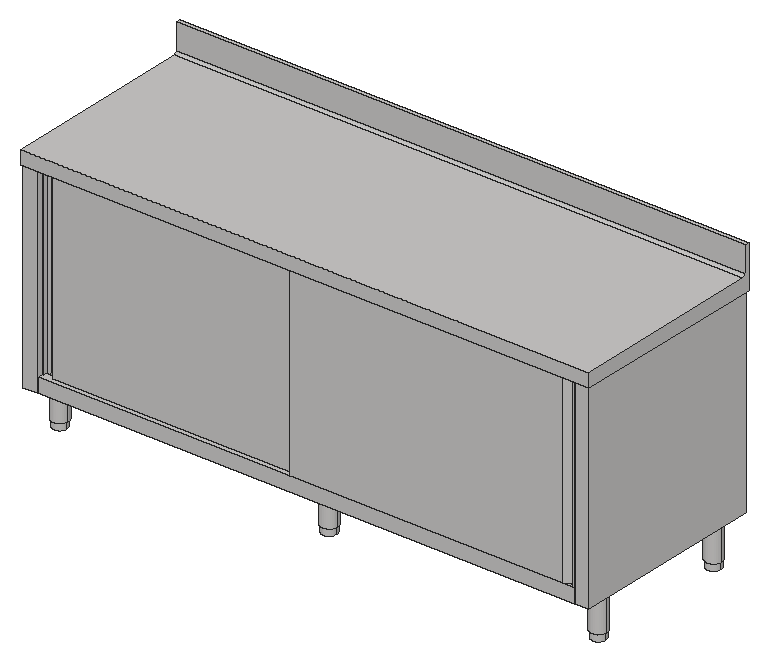
Revit family "QF_ELECTROLUXPROFESSIONAL_132867_MS2017N", category Attrezzature speciali, Revit 2020
Family settings
  Quota connettore circolare = Usa diametro
  Tipo di parte = Normale
  Basato su piano di lavoro = No
  Sempre verticale = Sì
  Taglio con vuoti quando caricato = No
  Condiviso = No
  Punto di calcolo locali = No
Parameters (values of type "Standard")
  Weight = 75.00 kg
  Watts = 0 W
  Volts = 0 V
  URL Manufacturer = "https://www.electroluxprofessional.com/"
  URL = "https://www.electroluxprofessional.com/"
  Steam Supply Size = 0 mm
  Steam Supply Minimum Pressure = 0.0 Pa
  Steam Supply Maximum Pressure = 0.0 Pa
  Steam Consumption per Hour = 0
  Refrigeration Suction Line Size = 0.0 mm
  Refrigeration Liquid Line Size = 0.0 mm
  Refrigerant Compressor Remote = yes
  Prospetto di default = 0.0 mm
  Produttore = "Electrolux Professional"
  Phase = 0
  Modello = "MS2017N"
  Length Actual = 2000.0 mm  # constant formula
  Item Number = "132867"
  Hot Water Size = 0 mm
  Height Actual = 1000.0 mm  # constant formula
  HP = "0 HP"
  Gas Size = 0 mm
  Gas KW = 0
  Gas Input Pressure = 0 W
  Direct Waste Size = 0 mm
  Descrizione = "WORKTOP CUPBOARD WITH UPSTAND 2000MM"
  Depth Actual = 700.0 mm  # constant formula
  Cycle = 0 Hz
  Condensate Return Size = 0 mm
  Compressed Air Volume = 0.0 L/s
  Compressed Air Size = 0 mm
  Compressed Air Pressure = 0.0 Pa
  Cold Water Size = 0 mm
  Accessory = yes
Reference planes
  plane 1 "Center (Front/Back)": y = 0
  plane 2: z = 0
  plane 3 "Center (Left/Right)": x = -500
  plane 4 "LEFT": x = -1500
  plane 5 "RIGHT": x = 500
  plane 6 "BACK": y = 350
  plane 7 "FRONT": y = -350
  plane 8 "Base": z = 850
  plane 9 "TOP": z = 900
  plane 10: x = -1446.9
  plane 11: x = 446.9
  plane 12: y = 264.5
  plane 13: y = -241.9
  plane 14 "BodyLeft": x = -1494.5
  plane 15 "BodyFront": y = -344.5
  plane 16 "BodyRight": x = 494.5
  plane 17 "BodyBack": y = 344.5
  plane 18 "FEET": z = 150
  plane 19: x = -444.5
  plane 20: x = -555.5
Forms (mm)
  Extrusion 1, solid, material "QF_Finishes_Stainless Steel"
    sketch origin (-500, 0, 0) x (0, 1, 0) y (0, 0, 1)
      loop
        line (-350, 850) -> (350, 850) -> (350, 1000) -> (337, 1000) -> (337, 910)
        arc (337, 910) -> (334.071, 902.929) -> (327, 900) r 10
        line (327, 900) -> (-350, 900) -> (-350, 850)
    from 1000 to -1000
  Extrusion 2, solid, material "QF_Finishes_Stainless Steel"
    sketch origin (0, 0, 150) x (-1, 0, 0) y (0, -1, 0)
      loop
        line (1494.5, -344.5) -> (1494.5, 344.5) -> (1444.5, 344.5) -> (1444.5, -344.5) -> (1494.5, -344.5)
      loop
        line (-444.5, -344.5) -> (-444.5, 344.5) -> (-494.5, 344.5) -> (-494.5, -344.5) -> (-444.5, -344.5)
    from 0 to 700
  Extrusion 3, solid, material "QF_Finishes_Stainless Steel"
    sketch origin (0, 0, 150) x (-1, 0, 0) y (0, -1, 0)
      loop
        line (1443.585, -344.5) -> (1443.585, 344.5) -> (-444.5, 344.5) -> (-444.5, -344.5) -> (1443.585, -344.5)
    from 0 to 50
  Extrusion 4, solid, material "QF_Finishes_Stainless Steel"
    sketch origin (0, 0, 150) x (-1, 0, 0) y (0, -1, 0)
      loop
        line (1443.585, -344.5) -> (1443.585, -294.5) -> (-444.5, -294.5) -> (-444.5, -344.5) -> (1443.585, -344.5)
    from 50 to 700
  Extrusion 5, solid, material "QF_Finishes_Stainless Steel"
    sketch origin (0, 0, 150) x (-1, 0, 0) y (0, -1, 0)
      loop
        line (-444.5, 344.5) -> (-444.5, 324.5) -> (555.5, 324.5) -> (555.5, 344.5) -> (-404.5, 344.5) -> (-424.5, 329.5) -> (-439.5, 329.5) -> (-439.5, 344.5) -> (-444.5, 344.5)
    from 50 to 700
  Extrusion 6, solid, material "QF_Finishes_Stainless Steel"
    sketch origin (0, 20, 150) x (1, 0, 0) y (0, 1, 0)
      loop
        line (-1444.5, -344.5) -> (-1439.5, -344.5) -> (-1439.5, -329.5) -> (-1424.5, -329.5) -> (-1404.5, -344.5) -> (-444.5, -344.5) -> (-444.5, -324.5) -> (-1444.5, -324.5) -> (-1444.5, -344.5)
    from 50 to 700
Lines and regions (mm)
  symbolic lines
    curve 1: line (500, 350, 900) -> (-1500, 350, 900)
    curve 2: line (-1500, 350, 900) -> (-1500, -350, 900)
    curve 3: line (-1500, -350, 900) -> (500, -350, 900)
    curve 4: line (500, -350, 900) -> (500, 350, 900)
    curve 5: line (-1500, 337, 900) -> (500, 337, 900)
  symbolic lines, style "SpecialityEquipmentHiddenLines"
    curve 6: line (-1494.5, -344.5, 150) -> (-1494.5, 344.5, 150)
    curve 7: line (-1494.5, 344.5, 150) -> (494.5, 344.5, 150)
    curve 8: line (494.5, 344.5, 150) -> (494.5, -344.5, 150)
    curve 9: line (494.5, -344.5, 150) -> (-1494.5, -344.5, 150)
    curve 10: line (-1444.5, -304.5, 150) -> (-444.5, -304.5, 150)
    curve 11: line (-444.5, -304.5, 150) -> (-444.5, -324.5, 150)
    curve 12: line (444.5, -324.5, 150) -> (-1444.5, -324.5, 150)
    curve 13: line (-1444.5, -324.5, 150) -> (-1444.5, -304.5, 150)
    curve 14: line (-555.5, -344.5, 150) -> (-555.5, -324.5, 150)
Dimensions and locks
  plane 4 "LEFT" to plane 5 "RIGHT" = 2000.0 mm
  equal spacing: plane 4 "LEFT", plane 3 "Center (Left/Right)", plane 5 "RIGHT"
  locked: plane 8 "Base" to level at 850
  locked: Extrusion 1 to level at 1000
  plane 9 "TOP" to level = 900.0 mm
  plane 6 "BACK" to plane 7 "FRONT" = 700.0 mm
  equal spacing: plane 6 "BACK", plane 1 "Center (Front/Back)", plane 7 "FRONT"
  locked: plane 4 "LEFT" to plane 14 "BodyLeft" at 5.5
  locked: plane 16 "BodyRight" to plane 5 "RIGHT" at 5.5
  locked: plane 15 "BodyFront" to plane 7 "FRONT" at 5.5
  locked: plane 6 "BACK" to plane 17 "BodyBack" at 5.5
  locked: plane 14 "BodyLeft" to plane 10 at 47.6
  locked: plane 11 to plane 16 "BodyRight" at 47.6
  locked: plane 13 to plane 15 "BodyFront" at 102.6
  locked: plane 17 "BodyBack" to plane 12 at 80
  plane 10 to plane 11 = 1893.8 mm
  plane 12 to plane 13 = 506.4 mm
  locked: plane 14 "BodyLeft" to Extrusion 2 sketch curve at 50
  locked: Extrusion 2 sketch curve to Extrusion 2 sketch curve at 50
  Extrusion 3 to Extrusion 4 sketch curve = 50.0 mm
  Extrusion 2 to plane 19 = 1000.0 mm
  plane 20 to Extrusion 2 = 1000.0 mm
  locked: plane 18 "FEET" to level at 150
  aligned and locked: level to plane 2
  aligned and locked: plane 10 to nested 1
  aligned and locked: nested 1 to plane 13
  aligned and locked: plane 11 to nested 2
  aligned and locked: nested 2 to plane 13
  aligned and locked: plane 11 to nested 4
  aligned and locked: nested 4 to plane 12
  aligned and locked: plane 10 to nested 3
  aligned and locked: nested 3 to plane 12
  aligned and locked: Extrusion 1 to plane 4 "LEFT"
  aligned and locked: plane 5 "RIGHT" to Extrusion 1
  aligned and locked: curve 2 to plane 4 "LEFT"
  aligned and locked: plane 17 "BodyBack" to Extrusion 2 sketch curve
  aligned and locked: Extrusion 2 sketch curve to plane 15 "BodyFront"
  aligned and locked: Extrusion 2 sketch curve to plane 14 "BodyLeft"
  aligned and locked: plane 16 "BodyRight" to Extrusion 2 sketch curve
  aligned and locked: Extrusion 2 sketch curve to plane 17 "BodyBack"
  aligned and locked: plane 15 "BodyFront" to Extrusion 2 sketch curve
  aligned and locked: Extrusion 3 sketch curve to plane 17 "BodyBack"
  aligned and locked: plane 15 "BodyFront" to Extrusion 3 sketch curve
  aligned and locked: plane 8 "Base" to Extrusion 2
  aligned and locked: plane 8 "Base" to Extrusion 5
  aligned and locked: Extrusion 5 to Extrusion 3
  aligned and locked: Extrusion 6 sketch curve to plane 19
  aligned and locked: Extrusion 5 sketch curve to plane 20
  aligned and locked: curve 7 to plane 17 "BodyBack"
  aligned and locked: Extrusion 2 to plane 14 "BodyLeft"
  aligned and locked: plane 16 "BodyRight" to curve 8
  aligned and locked: plane 15 "BodyFront" to curve 9
  aligned and locked: plane 3 "Center (Left/Right)" to nested 5
  aligned and locked: plane 3 "Center (Left/Right)" to nested 6
Automatic sketch dimensions
  curve 3 to plane 7 "FRONT" = 0.0 mm
  curve 5 to plane 5 "RIGHT" = 0.0 mm
  curve 4 to plane 6 "BACK" = 0.0 mm
  curve 5 to plane 17 "BodyBack" = 7.5 mm
  Extrusion 1 sketch curve to plane 7 "FRONT" = 0.0 mm
  Extrusion 1 sketch curve to plane 9 "TOP" = 0.0 mm
  Extrusion 1 sketch curve to plane 6 "BACK" = 0.0 mm
  Extrusion 1 sketch curve to plane 8 "Base" = 0.0 mm
  Extrusion 1 sketch curve to plane 17 "BodyBack" = 17.5 mm
  Extrusion 1 sketch curve to plane 17 "BodyBack" = 7.5 mm
  Extrusion 1 sketch curve to Extrusion 1 sketch curve = 90.0 mm
  Extrusion 5 sketch curve to plane 15 "BodyFront" = 0.0 mm  (x2)
  Extrusion 5 sketch curve to plane 11 = 2.4 mm
  Extrusion 5 sketch curve to Extrusion 5 sketch curve = 5.0 mm
  Extrusion 5 sketch curve to Extrusion 5 sketch curve = 15.0 mm
  Extrusion 5 sketch curve to Extrusion 5 sketch curve = 20.0 mm
  plane 15 "BodyFront" to Extrusion 5 sketch curve = 15.0 mm
  plane 15 "BodyFront" to Extrusion 5 sketch curve = 20.0 mm
  Extrusion 6 sketch curve to plane 15 "BodyFront" = 20.0 mm  (x2)
  Extrusion 6 sketch curve to plane 10 = 2.4 mm
  Extrusion 6 sketch curve to Extrusion 6 sketch curve = 5.0 mm
  Extrusion 6 sketch curve to Extrusion 6 sketch curve = 15.0 mm
  Extrusion 6 sketch curve to Extrusion 6 sketch curve = 20.0 mm  (x2)
  Extrusion 6 sketch curve to plane 15 "BodyFront" = 35.0 mm
  Extrusion 3 sketch curve to plane 11 = 2.4 mm
  plane 10 to Extrusion 3 sketch curve = 3.315 mm
  Extrusion 4 sketch curve to plane 11 = 2.4 mm
  plane 10 to Extrusion 4 sketch curve = 3.315 mm
  curve 10 to plane 19 = 0.0 mm
  curve 14 to plane 20 = 0.0 mm
  curve 7 to plane 14 "BodyLeft" = 0.0 mm
  plane 10 to curve 13 = 2.4 mm
  curve 10 to curve 13 = 20.0 mm
  curve 12 to plane 11 = 2.4 mm
  plane 15 "BodyFront" to curve 14 = 20.0 mm
Nested families
  nested 1: "FEET_D58-150" at (-1446.9, -241.9, 0), type "FEET_D58-150"
  nested 2: "FEET_D58-150" at (446.9, -241.9, 0), type "FEET_D58-150"
  nested 3: "FEET_D58-150" at (-1446.9, 264.5, 0), type "FEET_D58-150"
  nested 4: "FEET_D58-150" at (446.9, 264.5, 0), type "FEET_D58-150"
  nested 5: "FEET_D58-150" at (-500, -241.9, 0), type "FEET_D58-150"
  nested 6: "FEET_D58-150" at (-500, 264.5, 0), type "FEET_D58-150"
Definition of nested family "FEET_D58-150"
  Parameters
    Default Elevation = 0.0 mm
    FEET = 150.0 mm
  Reference planes
    plane 1 "Center (Front/Back)": y = 0
    plane 2: z = 0
    plane 3 "Center (Left/Right)": x = 0
    plane 4: z = 150
  Forms (mm)
    Extrusion 1, solid
      sketch origin (0, 0, 0) x (1, 0, 0) y (0, 1, 0)
        loop
          circle (0, 0) r 25
      from 0 to 25
    Extrusion 2, solid
      sketch origin (0, 0, 0) x (1, 0, 0) y (0, 1, 0)
        loop
          circle (0.061, 0) r 29
      from 25 to 150 <- "FEET"
  Lines and regions (mm)
    symbolic lines
      curve 1: line (0, -1.503, 0) -> (0, 1.508, 0)
      curve 2: line (1.561, 0, 0) -> (-1.439, 0, 0)
  Dimensions and locks
    "FEET": plane 4 to plane 2
    aligned and locked: level to plane 2
  Automatic sketch dimensions
    plane 1 "Center (Front/Back)" to Extrusion 1 sketch curve = 0.0 mm
    Extrusion 1 sketch curve to plane 3 "Center (Left/Right)" = 0.0 mm
    plane 1 "Center (Front/Back)" to curve 2 = 0.0 mm
    curve 1 to plane 3 "Center (Left/Right)" = 0.0 mm
    curve 2 to plane 3 "Center (Left/Right)" = 1.439 mm
    plane 3 "Center (Left/Right)" to curve 2 = 1.561 mm
    plane 1 "Center (Front/Back)" to curve 1 = 1.503 mm
    curve 1 to plane 1 "Center (Front/Back)" = 1.508 mm
    plane 1 "Center (Front/Back)" to Extrusion 2 sketch curve = 0.0 mm
    plane 3 "Center (Left/Right)" to Extrusion 2 sketch curve = 0.061 mm
    radius of Extrusion 1 sketch curve = 25.0 mm
    radius of Extrusion 2 sketch curve = 29.0 mm
